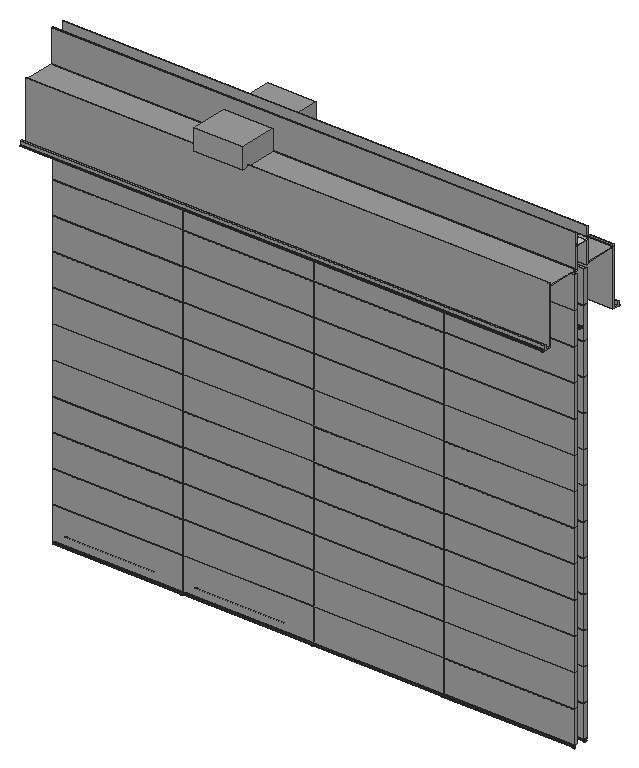
Revit family "Partition-13_Panels_High-Skyfold_Classic_Compact-24-3_to_26-0_FC_7400_to_7925", category Generic Models, host Ceiling, Revit 2026 (continued)
Definition of nested family "2D Fold Panels"
  Automatic sketch dimensions
    curve 31 to curve 32 = 0' - 0"
    curve 8 to curve 9 = 0' - 0"
    curve 7 to curve 8 = 0' - 0"
    curve 30 to curve 31 = 0' - 0"
    curve 46 to curve 49 = 0' - 0"
    curve 45 to curve 46 = 0' - 0"
    curve 6 to curve 7 = 0' - 0"
    curve 5 to curve 6 = 0' - 0"
    curve 21 to curve 32 = 0' - 0"
    curve 22 to curve 21 = 0' - 0"
    curve 4 to curve 5 = 0' - 0"
    curve 3 to curve 4 = 0' - 0"
    curve 23 to curve 22 = 0' - 0"
    curve 24 to curve 23 = 0' - 0"
    curve 2 to curve 3 = 0' - 0"
    curve 1 to curve 24 = 0' - 0"
    curve 29 to curve 30 = 0' - 0"
    curve 50 to curve 41 = 0' - 0"
    curve 38 to curve 29 = 0' - 0"
    plane 5 to curve 52 = 0' - 5.41394"
    plane 5 to curve 27 = 0' - 5.41394"
    curve 28 to curve 27 = 0' - 0"
    curve 43 to curve 52 = 0' - 0"
    curve 26 to curve 27 = 0' - 0"
    curve 25 to curve 26 = 0' - 0"
    plane 5 to curve 20 = 0' - 5.41394"
    curve 19 to curve 20 = 0' - 0"  (x2)
    curve 18 to curve 19 = 0' - 0"  (x2)
    plane 5 to curve 47 = 0' - 5.41394"
    curve 17 to curve 18 = 0' - 0"  (x2)
    curve 16 to curve 17 = 0' - 0"  (x2)
    curve 48 to curve 47 = 0' - 0"  (x2)
    plane 5 to curve 33 = 0' - 5.41394"
    curve 15 to curve 16 = 0' - 0"  (x2)
    curve 34 to curve 33 = 0' - 0"
    curve 14 to curve 15 = 0' - 0"  (x2)
    curve 35 to curve 34 = 0' - 0"
    curve 13 to curve 14 = 0' - 0"  (x2)
    curve 36 to curve 25 = 0' - 0"
    curve 12 to curve 13 = 0' - 0"  (x2)
    curve 51 to curve 48 = 0' - 0"  (x2)
    curve 11 to curve 28 = 0' - 0"  (x2)
    curve 44 to curve 43 = 0' - 0"
    curve 40 to curve 33 = 0' - 0"
    curve 39 to curve 44 = 0' - 0"
    curve 40 to plane 7 = 0' - 5.08923"
    curve 39 to curve 40 = 0' - 0"
    curve 36 to plane 7 = 0' - 5.08923"
    curve 35 to curve 36 = 0' - 0"
    curve 34 to curve 35 = 0' - 0"
    curve 33 to curve 40 = 0' - 0"
    curve 28 to plane 7 = 0' - 5.08923"
    curve 43 to curve 39 = 0' - 0"
    curve 44 to curve 39 = 0' - 0"
    curve 26 to curve 36 = 0' - 0"
    curve 25 to curve 36 = 0' - 0"
    curve 20 to plane 7 = 0' - 5.08923"
    curve 47 to plane 7 = 0' - 5.08923"
    curve 52 to curve 43 = 0' - 0"
    curve 27 to curve 26 = 0' - 0"
    curve 20 to curve 19 = 0' - 2 1/4"
    curve 9 to plane 1 "Center (Front/Back)" = 0' - 2 1/4"
    curve 19 to curve 18 = 0' - 0 1/8"
    curve 9 to curve 8 = 0' - 0 1/8"
    curve 8 to curve 7 = 0' - 2 1/4"
    curve 18 to curve 17 = 0' - 2 1/4"
    curve 7 to curve 6 = 0' - 1.86006"
    curve 17 to curve 16 = 0' - 1.86006"
    curve 16 to curve 15 = 0' - 2 1/4"
    curve 6 to curve 5 = 0' - 2 1/4"
    curve 5 to curve 4 = 0' - 0 1/8"
    curve 15 to curve 14 = 0' - 0 1/8"
    curve 4 to curve 3 = 0' - 2 1/4"
    curve 14 to curve 13 = 0' - 2 1/4"
    curve 13 to curve 12 = 0' - 1.86006"
    curve 3 to curve 2 = 0' - 1.86006"
    curve 12 to curve 11 = 0' - 2 1/4"
    curve 2 to curve 1 = 0' - 2 1/4"
    curve 11 to curve 28 = 0' - 0 1/8"
    curve 1 to curve 24 = 0' - 0 1/8"
    curve 24 to curve 23 = 0' - 2 1/4"
    curve 28 to curve 27 = 0' - 2 1/4"
    curve 23 to curve 22 = 0' - 1.86006"
    curve 27 to curve 26 = 0' - 1.86006"
    curve 26 to curve 25 = 0' - 2 1/4"
    curve 22 to curve 21 = 0' - 2 1/4"
    curve 25 to curve 36 = 0' - 0 1/8"
    curve 21 to curve 32 = 0' - 0 1/8"
    curve 32 to curve 31 = 0' - 2 1/4"
    curve 36 to curve 35 = 0' - 2 1/4"
    curve 31 to curve 30 = 0' - 1.86006"
    curve 35 to curve 34 = 0' - 1.86006"
    curve 30 to curve 29 = 0' - 2 1/4"
    curve 34 to curve 33 = 0' - 2 1/4"
    curve 33 to curve 40 = 0' - 0 1/8"
    curve 29 to curve 38 = 0' - 0 1/8"
    curve 40 to curve 39 = 0' - 2 1/4"
    curve 38 to curve 37 = 0' - 2 1/4"
    curve 39 to curve 44 = 0' - 1.86006"
    curve 37 to curve 42 = 0' - 1.86006"
    curve 44 to curve 43 = 0' - 2 1/4"
    curve 42 to curve 41 = 0' - 2 1/4"
    curve 43 to curve 52 = 0' - 0 1/8"
    curve 41 to curve 50 = 0' - 0 1/8"
    curve 52 to curve 51 = 0' - 2 1/4"
    curve 50 to curve 49 = 0' - 2 1/4"
    curve 51 to curve 48 = 0' - 1.86006"
    curve 49 to curve 46 = 0' - 1.86006"
    curve 48 to curve 47 = 0' - 2 1/4"
    curve 46 to curve 45 = 0' - 2 1/4"
  Nested families (in)
    nested 1: "Ext panels" at (-15.49724, 0, 0), type "Panels", in view "Ref. Level"
    nested 2: "Int Panels" at (11.93663, 0, 0), type "Panels", in view "Ref. Level"
    nested 3: "Ext panels" at (10.52102, 0, 0) x (-1, 0, 0) z (0, 0, 1), type "Panels", in view "Ref. Level"
    nested 4: "Int Panels" at (-16.91285, 0, 0) x (-1, 0, 0) z (0, 0, 1), type "Panels", in view "Ref. Level"
  Definition of nested family "Ext panels"
    Parameters
      Assembly Code = ""
    Reference planes (in)
      plane 1 "Center (Front/Back)": y = 0
      plane 2: z = 0
      plane 3 "Center (Left/Right)": x = 0
    Lines and regions (in)
      model lines, in view "Ref. Level"
        curve 1: arc (-9.21803, 39.95056, 0) -> (-9.39261, 40.41258, 0) -> (-8.90068, 40.45667, 0) r 0.31008
        curve 2: line (-3.15164, 2.25, 0) -> (-7.51926, 2.25, 0)
        curve 3: line (-7.51926, 2.25, 0) -> (-8.31196, 1.4573, 0)
        curve 4: line (-8.31196, 1.4573, 0) -> (-8.31196, 0, 0)
        curve 5: line (-8.31196, 0, 0) -> (-3.15164, 0, 0)
        curve 6: line (-3.15164, 38.91038, 0) -> (-8.24087, 38.91038, 0)
        curve 7: line (-8.24087, 38.91038, 0) -> (-8.2437, 39.16033, 0)
        curve 8: line (-8.2437, 39.16033, 0) -> (-9.21803, 39.95056, 0)
        curve 9: line (-8.90068, 40.45667, 0) -> (-8.34502, 39.54346, 0)
        curve 10: line (-8.34502, 39.54346, 0) -> (-8.20887, 39.53307, 0)
        curve 11: line (-8.20887, 39.53307, 0) -> (-8.20887, 39.66038, 0)
        curve 12: line (-8.20887, 39.66038, 0) -> (-7.94087, 39.66038, 0)
        curve 13: line (-7.94087, 39.66038, 0) -> (-7.94087, 40.41038, 0)
        curve 14: line (-7.94087, 40.41038, 0) -> (-7.19087, 41.16038, 0)
        curve 15: line (-7.19087, 41.16038, 0) -> (-3.15164, 41.16038, 0)
        curve 16: line (-3.15164, 34.80031, 0) -> (-7.45687, 34.80031, 0)
        curve 17: line (-7.45687, 34.80031, 0) -> (-8.24087, 35.58431, 0)
        curve 18: line (-8.24087, 35.58431, 0) -> (-8.24087, 37.05031, 0)
        curve 19: line (-8.24087, 37.05031, 0) -> (-3.15164, 37.05031, 0)
        curve 20: line (-3.15164, 32.42531, 0) -> (-8.24087, 32.42531, 0)
        curve 21: line (-8.24087, 32.42531, 0) -> (-8.24087, 33.89131, 0)
        curve 22: line (-8.24087, 33.89131, 0) -> (-7.45687, 34.67531, 0)
        curve 23: line (-7.45687, 34.67531, 0) -> (-3.15164, 34.67531, 0)
        curve 24: line (-3.15164, 2.375, 0) -> (-7.52796, 2.375, 0)
        curve 25: line (-7.52796, 2.375, 0) -> (-8.31196, 3.159, 0)
        curve 26: line (-8.31196, 3.159, 0) -> (-8.31196, 4.625, 0)
        curve 27: line (-8.31196, 4.625, 0) -> (-3.15164, 4.625, 0)
      detail lines, in view "Ref. Level"
        curve 28: line (-3.15164, 8.86006, 0) -> (-7.45687, 8.86006, 0)
        curve 29: line (-7.45687, 8.86006, 0) -> (-8.24087, 9.64406, 0)
        curve 30: line (-8.24087, 9.64406, 0) -> (-8.24087, 11.11006, 0)
        curve 31: line (-8.24087, 11.11006, 0) -> (-3.15164, 11.11006, 0)
        curve 32: line (-3.15164, 6.48506, 0) -> (-8.24087, 6.48506, 0)
        curve 33: line (-8.24087, 6.48506, 0) -> (-8.24087, 7.95106, 0)
        curve 34: line (-8.24087, 7.95106, 0) -> (-7.45687, 8.73506, 0)
        curve 35: line (-7.45687, 8.73506, 0) -> (-3.15164, 8.73506, 0)
        curve 36: line (-3.15164, 15.34513, 0) -> (-7.45687, 15.34513, 0)
        curve 37: line (-7.45687, 15.34513, 0) -> (-8.24087, 16.12913, 0)
        curve 38: line (-8.24087, 16.12913, 0) -> (-8.24087, 17.59513, 0)
        curve 39: line (-8.24087, 17.59513, 0) -> (-3.15164, 17.59513, 0)
        curve 40: line (-3.15164, 12.97013, 0) -> (-8.24087, 12.97013, 0)
        curve 41: line (-8.24087, 12.97013, 0) -> (-8.24087, 14.43613, 0)
        curve 42: line (-8.24087, 14.43613, 0) -> (-7.45687, 15.22013, 0)
        curve 43: line (-7.45687, 15.22013, 0) -> (-3.15164, 15.22013, 0)
        curve 44: line (-2.92518, 21.83019, 0) -> (-7.23041, 21.83019, 0)
        curve 45: line (-7.23041, 21.83019, 0) -> (-8.01441, 22.61419, 0)
        curve 46: line (-8.01441, 22.61419, 0) -> (-8.01441, 24.08019, 0)
        curve 47: line (-8.01441, 24.08019, 0) -> (-2.92518, 24.08019, 0)
        curve 48: line (-2.92518, 19.45519, 0) -> (-8.01441, 19.45519, 0)
        curve 49: line (-8.01441, 19.45519, 0) -> (-8.01441, 20.92119, 0)
        curve 50: line (-8.01441, 20.92119, 0) -> (-7.23041, 21.70519, 0)
        curve 51: line (-7.23041, 21.70519, 0) -> (-2.92518, 21.70519, 0)
        curve 52: line (-2.92518, 28.31525, 0) -> (-7.23041, 28.31525, 0)
        curve 53: line (-7.23041, 28.31525, 0) -> (-8.01441, 29.09925, 0)
        curve 54: line (-8.01441, 29.09925, 0) -> (-8.01441, 30.56525, 0)
        curve 55: line (-8.01441, 30.56525, 0) -> (-2.92518, 30.56525, 0)
        curve 56: line (-2.92518, 25.94025, 0) -> (-8.01441, 25.94025, 0)
        curve 57: line (-8.01441, 25.94025, 0) -> (-8.01441, 27.40625, 0)
        curve 58: line (-8.01441, 27.40625, 0) -> (-7.23041, 28.19025, 0)
        curve 59: line (-7.23041, 28.19025, 0) -> (-2.92518, 28.19025, 0)
  Definition of nested family "Int Panels"
    Parameters
      Assembly Code = ""
    Reference planes (in)
      plane 1 "Center (Front/Back)": y = 0
      plane 2: z = 0
      plane 3 "Center (Left/Right)": x = -12.78401
    Lines and regions (in)
      model lines, in view "Ref. Level"
        curve 1: arc (-16.42711, 0.06825, 0) -> (-16.12453, 0.15463, 0) -> (-15.98668, 0.4375, 0) r 0.38616
        curve 2: arc (-15.98668, 0.4375, 0) -> (-16.10886, 0.72219, 0) -> (-16.406, 0.80987, 0) r 0.36427
        curve 3: line (-23.08868, 4.625, 0) -> (-17.74583, 4.625, 0)
        curve 4: line (-17.74583, 4.625, 0) -> (-17.74583, 4.375, 0)
        curve 5: line (-17.74583, 4.375, 0) -> (-18.24583, 4.375, 0)
        curve 6: line (-18.24583, 4.375, 0) -> (-18.24583, 3.125, 0)
        curve 7: line (-18.24583, 3.125, 0) -> (-18.99583, 2.375, 0)
        curve 8: line (-18.99583, 2.375, 0) -> (-23.08868, 2.375, 0)
        curve 9: line (-23.08868, 37.05031, 0) -> (-17.67474, 37.05031, 0)
        curve 10: line (-17.67474, 37.05031, 0) -> (-17.67474, 36.80031, 0)
        curve 11: line (-17.67474, 36.80031, 0) -> (-18.17474, 36.80031, 0)
        curve 12: line (-18.17474, 36.80031, 0) -> (-18.17474, 35.55031, 0)
        curve 13: line (-18.17474, 35.55031, 0) -> (-18.92474, 34.80031, 0)
        curve 14: line (-18.92474, 34.80031, 0) -> (-23.08868, 34.80031, 0)
        curve 15: line (-23.08868, 34.67531, 0) -> (-18.45674, 34.67531, 0)
        curve 16: line (-18.45674, 34.67531, 0) -> (-17.67474, 33.89331, 0)
        curve 17: line (-17.67474, 33.89331, 0) -> (-17.67474, 32.42531, 0)
        curve 18: line (-17.67474, 32.42531, 0) -> (-23.08868, 32.42531, 0)
        curve 19: line (-23.08868, 41.16038, 0) -> (-18.45874, 41.16038, 0)
        curve 20: line (-18.45874, 41.16038, 0) -> (-17.67474, 40.37638, 0)
        curve 21: line (-17.67474, 40.37638, 0) -> (-17.67474, 38.91038, 0)
        curve 22: line (-17.67474, 38.91038, 0) -> (-23.08868, 38.91038, 0)
        curve 23: line (-23.08868, 0, 0) -> (-17.74583, 0, 0)
        curve 24: line (-17.74583, 0, 0) -> (-17.74583, 0.24995, 0)
        curve 25: line (-17.74583, 0.24995, 0) -> (-16.42711, 0.06825, 0)
        curve 26: line (-16.406, 0.80987, 0) -> (-17.60053, 0.63308, 0)
        curve 27: line (-17.60053, 0.63308, 0) -> (-17.76913, 0.62124, 0)
        curve 28: line (-17.76913, 0.62124, 0) -> (-17.76913, 1.5, 0)
        curve 29: line (-17.76913, 1.5, 0) -> (-18.51913, 2.25, 0)
        curve 30: line (-18.51913, 2.25, 0) -> (-23.08868, 2.25, 0)
      detail lines, in view "Ref. Level"
        curve 31: line (-23.08868, 11.11006, 0) -> (-17.67474, 11.11006, 0)
        curve 32: line (-17.67474, 11.11006, 0) -> (-17.67474, 10.86006, 0)
        curve 33: line (-17.67474, 10.86006, 0) -> (-18.17474, 10.86006, 0)
        curve 34: line (-18.17474, 10.86006, 0) -> (-18.17474, 9.61006, 0)
        curve 35: line (-18.17474, 9.61006, 0) -> (-18.92474, 8.86006, 0)
        curve 36: line (-18.92474, 8.86006, 0) -> (-23.08868, 8.86006, 0)
        curve 37: line (-23.08868, 8.73506, 0) -> (-18.45674, 8.73506, 0)
        curve 38: line (-18.45674, 8.73506, 0) -> (-17.67474, 7.95306, 0)
        curve 39: line (-17.67474, 7.95306, 0) -> (-17.67474, 6.48506, 0)
        curve 40: line (-17.67474, 6.48506, 0) -> (-23.08868, 6.48506, 0)
        curve 41: line (-23.08868, 17.59513, 0) -> (-17.67474, 17.59513, 0)
        curve 42: line (-17.67474, 17.59513, 0) -> (-17.67474, 17.34513, 0)
        curve 43: line (-17.67474, 17.34513, 0) -> (-18.17474, 17.34513, 0)
        curve 44: line (-18.17474, 17.34513, 0) -> (-18.17474, 16.09513, 0)
        curve 45: line (-18.17474, 16.09513, 0) -> (-18.92474, 15.34513, 0)
        curve 46: line (-18.92474, 15.34513, 0) -> (-23.08868, 15.34513, 0)
        curve 47: line (-23.08868, 15.22013, 0) -> (-18.45674, 15.22013, 0)
        curve 48: line (-18.45674, 15.22013, 0) -> (-17.67474, 14.43813, 0)
        curve 49: line (-17.67474, 14.43813, 0) -> (-17.67474, 12.97013, 0)
        curve 50: line (-17.67474, 12.97013, 0) -> (-23.08868, 12.97013, 0)
        curve 51: line (-23.08868, 24.08019, 0) -> (-17.67474, 24.08019, 0)
        curve 52: line (-17.67474, 24.08019, 0) -> (-17.67474, 23.83019, 0)
        curve 53: line (-17.67474, 23.83019, 0) -> (-18.17474, 23.83019, 0)
        curve 54: line (-18.17474, 23.83019, 0) -> (-18.17474, 22.58019, 0)
        curve 55: line (-18.17474, 22.58019, 0) -> (-18.92474, 21.83019, 0)
        curve 56: line (-18.92474, 21.83019, 0) -> (-23.08868, 21.83019, 0)
        curve 57: line (-23.08868, 21.70519, 0) -> (-18.45674, 21.70519, 0)
        curve 58: line (-18.45674, 21.70519, 0) -> (-17.67474, 20.92319, 0)
        curve 59: line (-17.67474, 20.92319, 0) -> (-17.67474, 19.45519, 0)
        curve 60: line (-17.67474, 19.45519, 0) -> (-23.08868, 19.45519, 0)
        curve 61: line (-23.08868, 30.56525, 0) -> (-17.67474, 30.56525, 0)
        curve 62: line (-17.67474, 30.56525, 0) -> (-17.67474, 30.31525, 0)
        curve 63: line (-17.67474, 30.31525, 0) -> (-18.17474, 30.31525, 0)
        curve 64: line (-18.17474, 30.31525, 0) -> (-18.17474, 29.06525, 0)
        curve 65: line (-18.17474, 29.06525, 0) -> (-18.92474, 28.31525, 0)
        curve 66: line (-18.92474, 28.31525, 0) -> (-23.08868, 28.31525, 0)
        curve 67: line (-23.08868, 28.19025, 0) -> (-18.45674, 28.19025, 0)
        curve 68: line (-18.45674, 28.19025, 0) -> (-17.67474, 27.40825, 0)
        curve 69: line (-17.67474, 27.40825, 0) -> (-17.67474, 25.94025, 0)
        curve 70: line (-17.67474, 25.94025, 0) -> (-23.08868, 25.94025, 0)
Definition of nested family "2D Unfold Panels"
  Parameters
    wall thickness = 0' - 11 3/4"
    Distance_Between_Panels = 3' - 6"
    Assembly Code = ""
  Reference planes (in)
    plane 1: z = 0
    plane 2 "Center (Left/Right)": x = 0.75339
    plane 3: y = 92
    plane 4: y = 50
    plane 5: y = 8
    plane 6: y = -34
    plane 7: y = -76
    plane 8: y = -118
    plane 9: y = -160
    plane 10: y = -202
    plane 11: y = -244
    plane 12: y = -286
    plane 13: y = -328
    plane 14: y = -370
    plane 15: y = -412
    plane 16: y = -454
    plane 17: y = -454.07812
    plane 18: x = 6.62839
    plane 19: x = -5.12161
  Lines and regions (in)
    detail lines, in view "Ref. Level"
      curve 1: line (-5.12161, 87.75359, 0) -> (-5.12161, 53.81444, 0)
      curve 2: line (-2.8715, 87.75359, 0) -> (-2.8715, 53.81444, 0)
      curve 3: line (-2.8715, 12.20598, 0) -> (-2.8715, 46.95984, 0)
      curve 4: line (-5.12161, 46.95984, 0) -> (-5.12161, 12.20598, 0)
      curve 5: line (-5.12161, 5.46489, 0) -> (-5.12161, -29.91754, 0)
      curve 6: line (-2.8715, 5.46489, 0) -> (-2.8715, -29.91754, 0)
      curve 7: line (-2.8715, -36.54016, 0) -> (-2.8715, -71.79402, 0)
      curve 8: line (-5.12161, -71.79402, 0) -> (-5.12161, -36.54016, 0)
      curve 9: line (-5.12161, -246.00081, 0) -> (-5.12161, -281.91754, 0)
      curve 10: line (-2.8715, -246.03511, 0) -> (-2.8715, -281.91754, 0)
      curve 11: line (-5.12161, -78.53511, 0) -> (-5.12161, -113.91754, 0)
      curve 12: line (-2.8715, -78.53511, 0) -> (-2.8715, -113.91754, 0)
      curve 13: line (-2.8715, -204.54016, 0) -> (-2.8715, -239.79402, 0)
      curve 14: line (-5.12161, -239.79402, 0) -> (-5.12161, -204.54016, 0)
      curve 15: line (-2.8715, -120.54016, 0) -> (-2.8715, -155.79402, 0)
      curve 16: line (-5.12161, -155.79402, 0) -> (-5.12161, -120.54016, 0)
      curve 17: line (-5.12161, -162.53511, 0) -> (-5.12161, -197.91754, 0)
      curve 18: line (-2.8715, -162.53511, 0) -> (-2.8715, -197.91754, 0)
      curve 19: line (-2.8715, -288.54016, 0) -> (-2.8715, -323.79402, 0)
      curve 20: line (-5.12161, -323.79402, 0) -> (-5.12161, -288.54016, 0)
      curve 21: line (-2.8715, -331.03511, 0) -> (-2.8715, -365.91754, 0)
      curve 22: line (-5.12161, -331.00081, 0) -> (-5.12161, -365.91754, 0)
      curve 23: line (-2.8715, -372.54016, 0) -> (-2.8715, -407.79402, 0)
      curve 24: line (-5.12161, -407.79402, 0) -> (-5.12161, -372.54016, 0)
      curve 25: line (-2.8715, -415.03511, 0) -> (-2.8715, -450.25359, 0)
      curve 26: line (-5.12161, -415.00081, 0) -> (-5.12161, -450.25359, 0)
      curve 27: line (6.62839, 87.75359, 0) -> (6.62839, 53.81444, 0)
      curve 28: line (4.37827, 87.75359, 0) -> (4.37827, 53.81444, 0)
      curve 29: line (4.37827, 12.20598, 0) -> (4.37827, 46.95984, 0)
      curve 30: line (6.62839, 46.95984, 0) -> (6.62839, 12.20598, 0)
      curve 31: line (6.62839, 5.46489, 0) -> (6.62839, -29.91754, 0)
      curve 32: line (4.37827, 5.46489, 0) -> (4.37827, -29.91754, 0)
      curve 33: line (4.37827, -36.54016, 0) -> (4.37827, -71.79402, 0)
      curve 34: line (6.62839, -71.79402, 0) -> (6.62839, -36.54016, 0)
      curve 35: line (6.62839, -246.00081, 0) -> (6.62839, -281.91754, 0)
      curve 36: line (4.37827, -246.03511, 0) -> (4.37827, -281.91754, 0)
      curve 37: line (6.62839, -78.53511, 0) -> (6.62839, -113.91754, 0)
      curve 38: line (4.37827, -78.53511, 0) -> (4.37827, -113.91754, 0)
      curve 39: line (4.37827, -204.54016, 0) -> (4.37827, -239.79402, 0)
      curve 40: line (6.62839, -239.79402, 0) -> (6.62839, -204.54016, 0)
      curve 41: line (4.37827, -120.54016, 0) -> (4.37827, -155.79402, 0)
      curve 42: line (6.62839, -155.79402, 0) -> (6.62839, -120.54016, 0)
      curve 43: line (6.62839, -162.53511, 0) -> (6.62839, -197.91754, 0)
      curve 44: line (4.37827, -162.53511, 0) -> (4.37827, -197.91754, 0)
      curve 45: line (4.37827, -288.54016, 0) -> (4.37827, -323.79402, 0)
      curve 46: line (6.62839, -323.79402, 0) -> (6.62839, -288.54016, 0)
      curve 47: line (4.37827, -331.03511, 0) -> (4.37827, -365.91754, 0)
      curve 48: line (6.62839, -331.00081, 0) -> (6.62839, -365.91754, 0)
      curve 49: line (4.37827, -372.54016, 0) -> (4.37827, -407.79402, 0)
      curve 50: line (6.62839, -407.79402, 0) -> (6.62839, -372.54016, 0)
      curve 51: line (4.37827, -415.03511, 0) -> (4.37827, -450.25359, 0)
      curve 52: line (6.62839, -415.00081, 0) -> (6.62839, -450.25359, 0)
  Dimensions and locks (in)
    "Distance_Between_Panels": plane 4 to plane 3
    locked: plane 17 to plane 16 at 0.07812
    equal spacing: plane 16, plane 15, plane 14, plane 13, plane 12, plane 11, plane 10, plane 9, plane 8, plane 7, plane 6, plane 5, plane 4, plane 3
    equal spacing: plane 19, plane 2 "Center (Left/Right)", plane 18
    "wall thickness": plane 19 to plane 18
    aligned and locked: plane 2 "Center (Left/Right)" to nested 1
    aligned and locked: plane 2 "Center (Left/Right)" to nested 2
    aligned and locked: plane 2 "Center (Left/Right)" to nested 4
    aligned and locked: nested 4 to nested 3
    aligned and locked: plane 2 "Center (Left/Right)" to nested 5
    aligned and locked: plane 3 to nested 5
    aligned: plane 4 to nested 3
    aligned: plane 5 to nested 4
    aligned: plane 6 to nested 2
    aligned: plane 9 to nested 1
    aligned: nested 1 to plane 9
    aligned: plane 8 to nested 6
    aligned: plane 7 to nested 7
    aligned and locked: nested 2 to plane 6
    aligned and locked: nested 4 to plane 5
    aligned and locked: nested 3 to plane 4
    aligned and locked: nested 9 to plane 9
    aligned and locked: nested 8 to plane 8
    aligned and locked: nested 7 to plane 7
    aligned and locked: nested 1 to plane 11
    aligned and locked: nested 6 to plane 10
    aligned: plane 13 to nested 11
    aligned: plane 12 to nested 12
    aligned: plane 16 to nested 10
    aligned and locked: nested 13 to plane 15
    aligned and locked: nested 14 to plane 14
    aligned and locked: nested 10 to plane 17
    aligned and locked: nested 10 to plane 2 "Center (Left/Right)"
    aligned and locked: nested 13 to plane 2 "Center (Left/Right)"
    aligned and locked: nested 14 to plane 2 "Center (Left/Right)"
    aligned and locked: nested 11 to plane 2 "Center (Left/Right)"
    aligned and locked: nested 12 to plane 2 "Center (Left/Right)"
    aligned and locked: plane 2 "Center (Left/Right)" to nested 6
    aligned and locked: plane 2 "Center (Left/Right)" to nested 9
    aligned and locked: plane 2 "Center (Left/Right)" to nested 8
    aligned and locked: plane 2 "Center (Left/Right)" to nested 7
    aligned and locked: plane 14 to nested 14
    aligned and locked: nested 12 to plane 12
    aligned and locked: nested 11 to plane 13
  Automatic sketch dimensions
    curve 1 to plane 19 = 0' - 0"
    curve 26 to plane 19 = 0' - 0"
    curve 24 to plane 19 = 0' - 0"
    curve 4 to plane 19 = 0' - 0"
    curve 5 to plane 19 = 0' - 0"
    curve 22 to plane 19 = 0' - 0"
    curve 20 to plane 19 = 0' - 0"
    curve 8 to plane 19 = 0' - 0"
    curve 9 to plane 19 = 0' - 0"
    curve 17 to plane 19 = 0' - 0"
    curve 11 to plane 19 = 0' - 0"
    curve 16 to plane 19 = 0' - 0"
    curve 14 to plane 19 = 0' - 0"
    curve 40 to plane 18 = 0' - 0"
    curve 37 to plane 18 = 0' - 0"
    curve 35 to plane 18 = 0' - 0"
    curve 42 to plane 18 = 0' - 0"
    curve 43 to plane 18 = 0' - 0"
    curve 34 to plane 18 = 0' - 0"
    curve 31 to plane 18 = 0' - 0"
    curve 46 to plane 18 = 0' - 0"
    curve 30 to plane 18 = 0' - 0"
    curve 48 to plane 18 = 0' - 0"
    curve 27 to plane 18 = 0' - 0"
    curve 50 to plane 18 = 0' - 0"
    curve 52 to plane 18 = 0' - 0"
    curve 14 to curve 13 = 0' - 2.25011"
    plane 19 to curve 15 = 0' - 2.25011"
    plane 19 to curve 12 = 0' - 2.25011"
    curve 9 to curve 10 = 0' - 2.25011"
    plane 19 to curve 18 = 0' - 2.25011"
    curve 20 to curve 19 = 0' - 2.25011"
    plane 19 to curve 7 = 0' - 2.25011"
    plane 19 to curve 21 = 0' - 2.25011"
    plane 19 to curve 6 = 0' - 2.25011"
    curve 24 to curve 23 = 0' - 2.25011"
    curve 4 to curve 3 = 0' - 2.25011"
    plane 19 to curve 25 = 0' - 2.25011"
    plane 19 to curve 2 = 0' - 2.25011"
    curve 51 to plane 18 = 0' - 2.25011"
    curve 49 to plane 18 = 0' - 2.25011"
    curve 28 to curve 27 = 0' - 2.25011"
    curve 29 to curve 30 = 0' - 2.25011"
    curve 47 to plane 18 = 0' - 2.25011"
    curve 45 to plane 18 = 0' - 2.25011"
    curve 32 to plane 18 = 0' - 2.25011"
    curve 33 to plane 18 = 0' - 2.25011"
    curve 44 to plane 18 = 0' - 2.25011"
    curve 41 to plane 18 = 0' - 2.25011"
    curve 36 to plane 18 = 0' - 2.25011"
    curve 39 to plane 18 = 0' - 2.25011"
    curve 38 to plane 18 = 0' - 2.25011"
    plane 17 to curve 52 = 0' - 3.82454"
    curve 51 to curve 52 = 0' - 0"
    plane 17 to curve 26 = 0' - 3.82454"
    curve 26 to curve 25 = 0' - 0"
    plane 15 to curve 51 = 0' - 3.03511"
    plane 15 to curve 25 = 0' - 3.03511"
    curve 25 to curve 26 = 0' - 0.0343"
    curve 51 to curve 52 = 0' - 0.0343"
    curve 49 to plane 15 = 0' - 4.20598"
    curve 23 to plane 15 = 0' - 4.20598"
    curve 24 to curve 23 = 0' - 0"  (x2)
    curve 49 to curve 50 = 0' - 0"  (x2)
    plane 14 to curve 50 = 0' - 2.54016"
    plane 14 to curve 24 = 0' - 2.54016"
    curve 48 to plane 14 = 0' - 4.08246"
    curve 22 to plane 14 = 0' - 4.08246"
    curve 22 to curve 21 = 0' - 0"
    curve 47 to curve 48 = 0' - 0"
    plane 13 to curve 21 = 0' - 3.03511"
    plane 13 to curve 47 = 0' - 3.03511"
    curve 47 to curve 48 = 0' - 0.0343"
    curve 21 to curve 22 = 0' - 0.0343"
    curve 46 to plane 13 = 0' - 4.20598"
    curve 45 to curve 46 = 0' - 0"  (x2)
    curve 20 to plane 13 = 0' - 4.20598"
    curve 20 to curve 19 = 0' - 0"  (x2)
    plane 12 to curve 46 = 0' - 2.54016"
    plane 12 to curve 20 = 0' - 2.54016"
    curve 36 to plane 12 = 0' - 4.08246"
    curve 9 to plane 12 = 0' - 4.08246"
    curve 9 to curve 10 = 0' - 0"
    curve 36 to curve 35 = 0' - 0"
    plane 11 to curve 10 = 0' - 2.03511"
    plane 11 to curve 36 = 0' - 2.03511"
    plane 11 to curve 9 = 0' - 2.00081"
    plane 11 to curve 35 = 0' - 2.00081"
    curve 14 to plane 11 = 0' - 4.20598"
    curve 14 to curve 13 = 0' - 0"  (x2)
    curve 39 to plane 11 = 0' - 4.20598"
    curve 39 to curve 40 = 0' - 0"  (x2)
    plane 10 to curve 39 = 0' - 2.54016"
    plane 10 to curve 14 = 0' - 2.54016"
    curve 43 to plane 10 = 0' - 4.08246"
    curve 18 to plane 10 = 0' - 4.08246"
    curve 17 to curve 18 = 0' - 0"  (x2)
    curve 44 to curve 43 = 0' - 0"  (x2)
    plane 9 to curve 18 = 0' - 2.53511"
    plane 9 to curve 43 = 0' - 2.53511"
    curve 15 to plane 9 = 0' - 4.20598"
    curve 16 to curve 15 = 0' - 0"  (x2)
    curve 41 to plane 9 = 0' - 4.20598"
    curve 41 to curve 42 = 0' - 0"  (x2)
    plane 8 to curve 41 = 0' - 2.54016"
    plane 8 to curve 16 = 0' - 2.54016"
    curve 12 to plane 8 = 0' - 4.08246"
    curve 38 to plane 8 = 0' - 4.08246"
    curve 38 to curve 37 = 0' - 0"  (x2)
    curve 11 to curve 12 = 0' - 0"  (x2)
    plane 7 to curve 37 = 0' - 2.53511"
    plane 7 to curve 11 = 0' - 2.53511"
    curve 34 to plane 7 = 0' - 4.20598"
    curve 7 to plane 7 = 0' - 4.20598"
    curve 33 to curve 34 = 0' - 0"  (x2)
    curve 8 to curve 7 = 0' - 0"  (x2)
    plane 6 to curve 34 = 0' - 2.54016"
    plane 6 to curve 7 = 0' - 2.54016"
    curve 6 to plane 6 = 0' - 4.08246"
    curve 5 to curve 6 = 0' - 0"  (x2)
    curve 32 to plane 6 = 0' - 4.08246"
    curve 32 to curve 31 = 0' - 0"  (x2)
    plane 5 to curve 32 = 0' - 2.53511"
    plane 5 to curve 6 = 0' - 2.53511"
    curve 3 to plane 5 = 0' - 4.20598"
    curve 4 to curve 3 = 0' - 0"  (x2)
    curve 29 to plane 5 = 0' - 4.20598"
    curve 29 to curve 30 = 0' - 0"  (x2)
    plane 4 to curve 29 = 0' - 3.04016"
    plane 4 to curve 4 = 0' - 3.04016"
    curve 27 to plane 4 = 0' - 3.81444"
    curve 2 to plane 4 = 0' - 3.81444"
    curve 1 to curve 2 = 0' - 0"  (x2)
    curve 28 to curve 27 = 0' - 0"  (x2)
    plane 3 to curve 28 = 0' - 4.24641"
    plane 3 to curve 2 = 0' - 4.24641"
  Nested families (in)
    nested 1: "vert biseau" at (0.70616, -247.00081, 0), type "vert biseau", in view "Ref. Level"
    nested 2: "vert levres" at (0.6541, -36.67162, 0), type "vert levres", in view "Ref. Level"
    nested 3: "vert levres" at (0.6541, 47.32838, 0), type "vert levres", in view "Ref. Level"
    nested 4: "vert biseau" at (0.70616, 4.99919, 0), type "vert biseau", in view "Ref. Level"
    nested 5: "vert fin haut" at (1.19039, 87.75643, 0), type "vert fin haut", in view "Ref. Level"
    nested 6: "vert levres" at (0.6541, -204.67162, 0), type "vert levres", in view "Ref. Level"
    nested 7: "vert biseau" at (0.70616, -79.00081, 0), type "vert biseau", in view "Ref. Level"
    nested 8: "vert levres" at (0.6541, -120.67162, 0), type "vert levres", in view "Ref. Level"
    nested 9: "vert biseau" at (0.70616, -163.00081, 0), type "vert biseau", in view "Ref. Level"
    nested 10: "vert fin bas" at (0.35336, -449.83456, 0), type "vert fin bas", in view "Ref. Level"
    nested 11: "vert biseau" at (0.70616, -331.00081, 0), type "vert biseau", in view "Ref. Level"
    nested 12: "vert levres" at (0.6541, -288.67162, 0), type "vert levres", in view "Ref. Level"
    nested 13: "vert biseau" at (0.70616, -415.00081, 0), type "vert biseau", in view "Ref. Level"
    nested 14: "vert levres" at (0.6541, -372.67162, 0), type "vert levres", in view "Ref. Level"
  Definition of nested family "vert biseau"
    Parameters
      Wall thickness = 0' - 11 3/4"
      Assembly Code = ""
    Reference planes (in)
      plane 1 "Center (Front/Back)": y = 0
      plane 2: z = 0
      plane 3 "Center (Left/Right)": x = 0.04723
      plane 4: x = -5.82777
      plane 5: x = 5.92223
    Lines and regions (in)
      model lines, in view "Ref. Level"
        curve 1: line (-3.57766, -0.0343, 0) -> (-3.57766, 2.19877, 0)
        curve 2: line (-3.57766, 2.19877, 0) -> (-4.3797, 3.00081, 0)
        curve 3: line (-4.3797, 3.00081, 0) -> (-5.82777, 3.00081, 0)
        curve 4: line (-5.82777, 3.00081, 0) -> (-5.82777, -0.0343, 0)
        curve 5: line (-5.82777, 7.20679, 0) -> (-5.82777, 3.50083, 0)
        curve 6: line (-5.82777, 3.50083, 0) -> (-4.3797, 3.50083, 0)
        curve 7: line (-4.3797, 3.50083, 0) -> (-3.57766, 4.30287, 0)
        curve 8: line (-3.57766, 4.30287, 0) -> (-3.57766, 7.20679, 0)
      detail lines, in view "Ref. Level"
        curve 9: line (3.67212, -0.0343, 0) -> (3.67212, 2.19877, 0)
        curve 10: line (3.67212, 2.19877, 0) -> (4.47416, 3.00081, 0)
        curve 11: line (4.47416, 3.00081, 0) -> (5.92223, 3.00081, 0)
        curve 12: line (5.92223, 3.00081, 0) -> (5.92223, -0.0343, 0)
        curve 13: line (5.92223, 7.20679, 0) -> (5.92223, 3.50083, 0)
        curve 14: line (5.92223, 3.50083, 0) -> (4.47416, 3.50083, 0)
        curve 15: line (4.47416, 3.50083, 0) -> (3.67212, 4.30287, 0)
        curve 16: line (3.67212, 4.30287, 0) -> (3.67212, 7.20679, 0)
    Dimensions and locks (in)
      "Wall thickness": plane 4 to plane 5
      equal spacing: plane 4, plane 3 "Center (Left/Right)", plane 5
    Automatic sketch dimensions
      curve 5 to plane 4 = 0' - 0"
      curve 4 to plane 4 = 0' - 0"
      curve 13 to plane 5 = 0' - 0"
      curve 12 to plane 5 = 0' - 0"
      curve 3 to curve 2 = 0' - 1.44807"
      curve 7 to curve 2 = 0' - 0"
      curve 2 to curve 1 = 0' - 0.80204"
      curve 6 to curve 7 = 0' - 0.80204"  (x2)
      plane 1 "Center (Front/Back)" to curve 9 = 0' - 0.0343"
      curve 9 to curve 12 = 0' - 2.25011"
      curve 16 to curve 9 = 0' - 0"
      curve 9 to curve 11 = 0' - 0.80204"
      curve 15 to curve 10 = 0' - 0"
      plane 1 "Center (Front/Back)" to curve 12 = 0' - 0.0343"
      plane 1 "Center (Front/Back)" to curve 1 = 0' - 0.0343"
      plane 1 "Center (Front/Back)" to curve 4 = 0' - 0.0343"
      curve 10 to plane 1 "Center (Front/Back)" = 0' - 2.19877"
      curve 2 to plane 1 "Center (Front/Back)" = 0' - 2.19877"
      curve 9 to curve 12 = 0' - 0.80204"
      curve 1 to curve 4 = 0' - 0.80204"
      curve 3 to curve 5 = 0' - 0.50003"
      curve 11 to curve 14 = 0' - 0.50003"
      curve 14 to curve 16 = 0' - 0.80204"
      curve 7 to curve 5 = 0' - 2.90391"
      curve 15 to curve 13 = 0' - 2.90391"
      curve 5 to curve 8 = 0' - 0"
      curve 16 to curve 13 = 0' - 0"
  Definition of nested family "vert levres"
    Parameters
      Wall thickness = 0' - 11 3/4"
      Assembly Code = ""
    Reference planes (in)
      plane 1 "Center (Front/Back)": y = 0
      plane 2: z = 0
      plane 3 "Center (Left/Right)": x = 0.09928
      plane 4: x = -5.77572
      plane 5: x = 5.97428
    Lines and regions (in)
      model lines, in view "Ref. Level"
        curve 1: line (-5.52571, 3.18965, 0) -> (-5.52571, 2.67162, 0)
        curve 2: line (-5.52571, 2.67162, 0) -> (-5.52571, 3.18965, 0)
        curve 3: line (-5.52571, 3.18965, 0) -> (-5.77572, 3.18965, 0)
        curve 4: line (-5.77572, 3.18965, 0) -> (-5.77572, -0.10051, 0)
        curve 5: line (-5.77572, 6.75409, 0) -> (-5.77572, 3.68967, 0)
        curve 6: line (-5.77572, 3.68967, 0) -> (-3.52561, 3.68967, 0)
        curve 7: line (-3.52561, 3.68967, 0) -> (-3.52561, 6.75409, 0)
        curve 8: line (-3.52561, -0.10051, 0) -> (-3.52561, 2.67162, 0)
        curve 9: line (-3.52561, 2.67162, 0) -> (-5.52571, 2.67162, 0)
      detail lines, in view "Ref. Level"
        curve 10: line (5.72427, 3.18965, 0) -> (5.72427, 2.67162, 0)
        curve 11: line (5.72427, 2.67162, 0) -> (5.72427, 3.18965, 0)
        curve 12: line (5.72427, 3.18965, 0) -> (5.97428, 3.18965, 0)
        curve 13: line (5.97428, 3.18965, 0) -> (5.97428, -0.10051, 0)
        curve 14: line (5.97428, 6.75409, 0) -> (5.97428, 3.68967, 0)
        curve 15: line (5.97428, 3.68967, 0) -> (3.72417, 3.68967, 0)
        curve 16: line (3.72417, 3.68967, 0) -> (3.72417, 6.75409, 0)
        curve 17: line (3.72417, -0.10051, 0) -> (3.72417, 2.67162, 0)
        curve 18: line (3.72417, 2.67162, 0) -> (5.72427, 2.67162, 0)
    Dimensions and locks (in)
      equal spacing: plane 4, plane 3 "Center (Left/Right)", plane 5
      "Wall thickness": plane 4 to plane 5
    Automatic sketch dimensions
      curve 5 to plane 4 = 0' - 0"
      curve 4 to plane 4 = 0' - 0"
      curve 14 to plane 5 = 0' - 0"
      curve 13 to plane 5 = 0' - 0"
      plane 4 to curve 2 = 0' - 0 1/4"
      plane 4 to curve 7 = 0' - 2.25011"
      plane 1 "Center (Front/Back)" to curve 8 = 0' - 0.10051"
      curve 4 to curve 8 = 0' - 2.25011"
      curve 18 to plane 5 = 0' - 2.25011"
      curve 16 to curve 17 = 0' - 0"
      curve 11 to curve 12 = 0' - 0 1/4"
      plane 1 "Center (Front/Back)" to curve 4 = 0' - 0.10051"
      plane 1 "Center (Front/Back)" to curve 13 = 0' - 0.10051"
      plane 1 "Center (Front/Back)" to curve 17 = 0' - 0.10051"
      curve 9 to plane 1 "Center (Front/Back)" = 0' - 2.67162"
      curve 10 to plane 1 "Center (Front/Back)" = 0' - 2.67162"
      curve 1 to curve 4 = 0' - 0.51803"
      curve 10 to curve 10 = 0' - 0.51803"
      curve 8 to curve 7 = 0' - 1.01805"
      curve 12 to curve 14 = 0' - 0.50002"
      curve 14 to curve 14 = 0' - 3.06441"
      curve 5 to curve 5 = 0' - 3.06441"
      curve 5 to curve 7 = 0' - 0"
      curve 16 to curve 14 = 0' - 0"
  Definition of nested family "vert fin haut"
    Parameters
      Wall thickness = 0' - 11 3/4"
      Assembly Code = ""
    Reference planes (in)
      plane 1 "Center (Front/Back)": y = 0
      plane 2: z = 0
      plane 3 "Center (Left/Right)": x = -0.43701
      plane 4: x = -6.31201
      plane 5: x = 5.43799
    Lines and regions (in)
      detail lines, in view "Ref. Level"
        curve 1: arc (-6.30215, 5.84526, 0) -> (-5.87246, 6.27494, 0) -> (-5.44278, 5.84526, 0) r 0.42968
        curve 2: line (-6.31201, -0.00284, 0) -> (-6.31201, 4.27482, 0)
        curve 3: line (-6.31201, 4.27482, 0) -> (-6.06199, 4.27482, 0)
        curve 4: line (-6.06199, 4.27482, 0) -> (-6.30215, 5.84526, 0)
        curve 5: line (-5.44278, 5.84526, 0) -> (-5.69183, 4.24357, 0)
        curve 6: line (-5.69183, 4.24357, 0) -> (-5.0827, 4.24357, 0)
        curve 7: line (-5.0827, 4.24357, 0) -> (-4.06189, 3.22277, 0)
        curve 8: line (-4.06189, 3.22277, 0) -> (-4.06189, -0.00284, 0)
        curve 9: arc (5.42813, 5.84526, 0) -> (4.99845, 6.27494, 0) -> (4.56877, 5.84526, 0) r 0.42968
        curve 10: line (5.43799, -0.00284, 0) -> (5.43799, 4.27482, 0)
        curve 11: line (5.43799, 4.27482, 0) -> (5.18798, 4.27482, 0)
        curve 12: line (5.18798, 4.27482, 0) -> (5.42813, 5.84526, 0)
        curve 13: line (4.56877, 5.84526, 0) -> (4.81782, 4.24357, 0)
        curve 14: line (4.81782, 4.24357, 0) -> (4.20868, 4.24357, 0)
        curve 15: line (4.20868, 4.24357, 0) -> (3.18788, 3.22277, 0)
        curve 16: line (3.18788, 3.22277, 0) -> (3.18788, -0.00284, 0)
    Dimensions and locks (in)
      equal spacing: plane 4, plane 3 "Center (Left/Right)", plane 5
      "Wall thickness": plane 4 to plane 5
    Automatic sketch dimensions
      curve 2 to plane 4 = 0' - 0"
      curve 10 to plane 5 = 0' - 0"
      plane 4 to curve 1 = 0' - 0.00986"
      plane 4 to curve 3 = 0' - 0 1/4"
      curve 1 to curve 1 = 0' - 0 55/128"
      curve 3 to curve 5 = 0' - 0.37016"
      curve 5 to curve 6 = 0' - 0.60914"
      curve 6 to curve 8 = 0' - 1.0208"
      plane 1 "Center (Front/Back)" to curve 16 = 0' - 0.00284"
      curve 16 to curve 10 = 0' - 2.25011"
      curve 15 to plane 5 = 0' - 1.22931"
      curve 9 to plane 5 = 0' - 0.86922"
      curve 14 to curve 14 = 0' - 0.60914"
      curve 9 to curve 9 = 0' - 0 55/128"
      curve 12 to curve 10 = 0' - 0 1/4"
      plane 1 "Center (Front/Back)" to curve 10 = 0' - 0.00284"
      plane 1 "Center (Front/Back)" to curve 8 = 0' - 0.00284"
      plane 1 "Center (Front/Back)" to curve 2 = 0' - 0.00284"
      curve 16 to plane 1 "Center (Front/Back)" = 0' - 3.22277"
      curve 7 to plane 1 "Center (Front/Back)" = 0' - 3.22277"
      curve 15 to curve 14 = 0' - 1.0208"
      curve 7 to curve 5 = 0' - 1.0208"
      curve 5 to curve 3 = 0' - 0 1/32"
      curve 13 to curve 12 = 0' - 0 1/32"
      curve 2 to curve 1 = 0' - 1.57044"
      curve 10 to curve 12 = 0' - 1.57044"
  Definition of nested family "vert fin bas"
    Parameters
      Wall thickness = 0' - 11 3/4"
      Assembly Code = ""
    Reference planes (in)
      plane 1 "Center (Front/Back)": y = 0
      plane 2: z = 0
      plane 3 "Center (Left/Right)": x = 0.40002
      plane 4: x = -5.47498
      plane 5: x = 6.27502
    Lines and regions (in)
      model lines, in view "Ref. Level"
        curve 1: arc (-5.46512, -5.84526, 0) -> (-5.03544, -6.27494, 0) -> (-4.60575, -5.84526, 0) r 0.42968
        curve 2: line (-5.47498, 0.00284, 0) -> (-5.47498, -4.27482, 0)
        curve 3: line (-5.47498, -4.27482, 0) -> (-5.22497, -4.27482, 0)
        curve 4: line (-5.22497, -4.27482, 0) -> (-5.46512, -5.84526, 0)
        curve 5: line (-4.60575, -5.84526, 0) -> (-4.85481, -4.24357, 0)
        curve 6: line (-4.85481, -4.24357, 0) -> (-4.24567, -4.24357, 0)
        curve 7: line (-4.24567, -4.24357, 0) -> (-3.22487, -3.22277, 0)
        curve 8: line (-3.22487, -3.22277, 0) -> (-3.22487, 0.00284, 0)
        curve 9: arc (0.90004, -6.01609, 0) -> (1.25205, -5.87118, 0) -> (1.40004, -5.52045, 0) r 0.50003
        curve 10: arc (1.40004, -5.52045, 0) -> (1.38599, -5.43168, 0) -> (1.33756, -5.35598, 0) r 0.21963
        curve 11: arc (-0.53754, -5.35598, 0) -> (-0.58597, -5.43168, 0) -> (-0.60002, -5.52045, 0) r 0.21963
        curve 12: arc (-0.60002, -5.52045, 0) -> (-0.45203, -5.87118, 0) -> (-0.10001, -6.01609, 0) r 0.50003
        curve 13: arc (0.15, -4.98096, 0) -> (0.23839, -4.94435, 0) -> (0.275, -4.85595, 0) r 0.12501
        curve 14: arc (0.52502, -4.85595, 0) -> (0.56163, -4.94435, 0) -> (0.65002, -4.98096, 0) r 0.12501
        curve 15: arc (-0.60004, -4.85595, 0) -> (-0.68843, -4.89257, 0) -> (-0.72505, -4.98096, 0) r 0.12501
        curve 16: arc (-0.72505, -5.51606, 0) -> (-0.54198, -5.95803, 0) -> (-0.10001, -6.14109, 0) r 0.62503
        curve 17: arc (0.90004, -6.14109, 0) -> (1.342, -5.95803, 0) -> (1.52507, -5.51606, 0) r 0.62503
        curve 18: arc (1.52507, -4.98096, 0) -> (1.48845, -4.89257, 0) -> (1.40006, -4.85595, 0) r 0.12501
        curve 19: line (-0.10001, -6.01609, 0) -> (0.90004, -6.01609, 0)
        curve 20: line (1.33756, -5.35598, 0) -> (-0.53754, -5.35598, 0)
        curve 21: line (0.65002, -4.98096, 0) -> (1.40006, -4.98096, 0)
        curve 22: line (1.40006, -4.98096, 0) -> (1.40006, -5.23097, 0)
        curve 23: line (1.40006, -5.23097, 0) -> (-0.60004, -5.23097, 0)
        curve 24: line (-0.60004, -5.23097, 0) -> (-0.60004, -4.98096, 0)
        curve 25: line (-0.60004, -4.98096, 0) -> (0.15, -4.98096, 0)
        curve 26: line (0.275, -4.85595, 0) -> (0.275, -3.23087, 0)
        curve 27: line (0.275, -3.23087, 0) -> (0.52502, -3.23087, 0)
        curve 28: line (0.52502, -3.23087, 0) -> (0.52502, -4.85595, 0)
        curve 29: line (-0.35003, -4.98096, 0) -> (-0.35003, -4.85595, 0)
        curve 30: line (-0.35003, -4.85595, 0) -> (-0.60004, -4.85595, 0)
        curve 31: line (-0.72505, -4.98096, 0) -> (-0.72505, -5.51606, 0)
        curve 32: line (-0.10001, -6.14109, 0) -> (0.90004, -6.14109, 0)
        curve 33: line (1.52507, -5.51606, 0) -> (1.52507, -4.98096, 0)
        curve 34: line (1.40006, -4.85595, 0) -> (1.15005, -4.85595, 0)
        curve 35: line (1.15005, -4.85595, 0) -> (1.15005, -4.98096, 0)
      detail lines, in view "Ref. Level"
        curve 36: arc (6.26516, -5.84526, 0) -> (5.83548, -6.27494, 0) -> (5.4058, -5.84526, 0) r 0.42968
        curve 37: line (6.27502, 0.00284, 0) -> (6.27502, -4.27482, 0)
        curve 38: line (6.27502, -4.27482, 0) -> (6.02501, -4.27482, 0)
        curve 39: line (6.02501, -4.27482, 0) -> (6.26516, -5.84526, 0)
        curve 40: line (5.4058, -5.84526, 0) -> (5.65485, -4.24357, 0)
        curve 41: line (5.65485, -4.24357, 0) -> (5.04571, -4.24357, 0)
        curve 42: line (5.04571, -4.24357, 0) -> (4.02491, -3.22277, 0)
        curve 43: line (4.02491, -3.22277, 0) -> (4.02491, 0.00284, 0)
    Dimensions and locks (in)
      equal spacing: plane 4, plane 3 "Center (Left/Right)", plane 5
      "Wall thickness": plane 4 to plane 5
    Automatic sketch dimensions
      curve 9 to curve 17 = 0' - 0"  (x2)
      curve 12 to curve 16 = 0' - 0"  (x2)
      curve 2 to plane 4 = 0' - 0"
      curve 37 to plane 5 = 0' - 0"
      plane 4 to curve 4 = 0' - 0.00986"
      curve 2 to curve 4 = 0' - 0 1/4"
      curve 1 to curve 1 = 0' - 0 55/128"
      curve 3 to curve 5 = 0' - 0.37016"
      curve 5 to curve 6 = 0' - 0.60914"
      curve 6 to curve 8 = 0' - 1.0208"
      curve 31 to plane 3 "Center (Left/Right)" = 0' - 1.12507"
      curve 15 to curve 24 = 0' - 0 1/8"
      curve 15 to curve 24 = 0' - 0"  (x2)
      curve 31 to curve 11 = 0' - 0.12503"
      curve 23 to curve 20 = 0' - 0 1/16"
      curve 12 to curve 11 = 0' - 0.21937"
      curve 24 to curve 29 = 0' - 0 1/4"
      curve 12 to plane 3 "Center (Left/Right)" = 0' - 0.50004"
      curve 13 to plane 3 "Center (Left/Right)" = 0' - 0.25002"
      curve 26 to plane 3 "Center (Left/Right)" = 0' - 0 1/8"
      plane 3 "Center (Left/Right)" to curve 28 = 0' - 0 1/8"
      curve 14 to curve 21 = 0' - 0 1/8"
      plane 3 "Center (Left/Right)" to curve 32 = 0' - 0 1/2"
      curve 14 to curve 34 = 0' - 0.50002"
      curve 9 to curve 10 = 0' - 0.28063"
      curve 10 to curve 20 = 0' - 0.15689"
      curve 10 to curve 10 = 0' - 0 1/16"
      curve 35 to curve 21 = 0' - 0 1/4"
      curve 18 to curve 21 = 0' - 0"
      curve 9 to curve 17 = 0' - 0.12503"
      curve 43 to plane 5 = 0' - 2.25011"
      curve 42 to plane 5 = 0' - 1.22931"
      curve 40 to plane 5 = 0' - 0.86922"
      curve 41 to curve 40 = 0' - 0.60914"
      curve 36 to curve 36 = 0' - 0 55/128"
      curve 38 to plane 5 = 0' - 0 1/4"
      plane 1 "Center (Front/Back)" to curve 32 = 0' - 6.14109"
      curve 32 to curve 19 = 0' - 0 1/8"
      curve 36 to curve 17 = 0' - 0.3292"
      curve 5 to curve 16 = 0' - 0.3292"
      curve 12 to curve 11 = 0' - 0.01076"
      curve 20 to curve 23 = 0' - 0 1/8"
      curve 22 to curve 33 = 0' - 0 1/4"
      curve 12 to curve 25 = 0' - 0.5351"
      curve 14 to curve 13 = 0' - 0 1/8"
      curve 1 to curve 3 = 0' - 1.57044"
      curve 36 to curve 39 = 0' - 1.57044"
      curve 38 to curve 42 = 0' - 0 1/32"
      curve 3 to curve 7 = 0' - 0 1/32"
      curve 13 to curve 26 = 0' - 1.62508"
      curve 41 to curve 42 = 0' - 1.0208"
      curve 6 to curve 7 = 0' - 1.0208"
      curve 8 to plane 1 "Center (Front/Back)" = 0' - 0.00284"
      curve 37 to plane 1 "Center (Front/Back)" = 0' - 0.00284"
      curve 2 to plane 1 "Center (Front/Back)" = 0' - 0.00284"
      curve 43 to plane 1 "Center (Front/Back)" = 0' - 0.00284"
Definition of nested family "Suspended Ceiling Component"
  Parameters
    Assembly Code = ""
  Reference planes (in)
    plane 1 "Centre (avant/arrière)": y = 0
    plane 2: z = 0
    plane 3 "Centre (gauche/droite)": x = 0
Definition of nested family "construction as per ASTM E557 Component"
  Parameters
    Assembly Code = ""
  Reference planes (in)
    plane 1 "Centre (avant/arrière)": y = 0
    plane 2: z = 0
    plane 3 "Centre (gauche/droite)": x = 0
Definition of nested family "Disclaimer Component"
  Parameters
    Assembly Code = ""
  Reference planes (in)
    plane 1 "Centre (avant/arrière)": y = 0
    plane 2: z = 0
    plane 3 "Centre (gauche/droite)": x = 0
Types (5): name | Total Panel Height | Total Wall Length | Pocket Width"E" | Pocket Depth"D" | Panel Length | Panel Height"F" | Motor Positioning | Height Between Panels | Distance Between Panels | Finished Ceiling"A" | Top Of Acoustic Barrier | Beam Height"B" | Acoustic Barrier"C"
  24' - 6" | 27' - 7 1/2" | 34' - 0" | 5' - 1 3/4" | 3' - 6 1/2" | 8' - 5 1/8" | 2' - 1" | 12' - 9 7/16" | 2' - 1 1/2" | 8' - 5 5/8" | 24' - 6" | 30' - 0" | 29' - 5 3/4" | 27' - 11 1/2"
  25' - 6" | 29' - 3" | 40' - 0" | 5' - 3 3/4" | 3' - 7 1/2" | 9' - 11 1/8" | 2' - 2 1/2" | 15' - 0 7/16" | 2' - 3" | 9' - 11 5/8" | 25' - 6" | 33' - 0" | 30' - 6 3/4" | 29' - 0 1/2"
  25' - 0" | 28' - 2" | 34' - 0" | 5' - 2 3/4" | 3' - 7" | 8' - 5 1/8" | 2' - 1 1/2" | 12' - 9 7/16" | 2' - 2" | 8' - 5 5/8" | 25' - 0" | 30' - 0" | 30' - 0 1/4" | 28' - 6"
  24' - 3" | 27' - 4 1/4" | 34' - 0" | 5' - 1 1/4" | 3' - 6 1/4" | 8' - 5 1/8" | 2' - 0 3/4" | 12' - 9 7/16" | 2' - 1 1/4" | 8' - 5 5/8" | 24' - 3" | 30' - 0" | 29' - 2 1/2" | 27' - 8 1/4"
  26' - 0" | 29' - 3" | 40' - 0" | 5' - 4 3/4" | 3' - 8" | 9' - 11 1/8" | 2' - 2 1/2" | 15' - 0 7/16" | 2' - 3" | 9' - 11 5/8" | 26' - 0" | 33' - 0" | 31' - 1 1/4" | 29' - 7"
